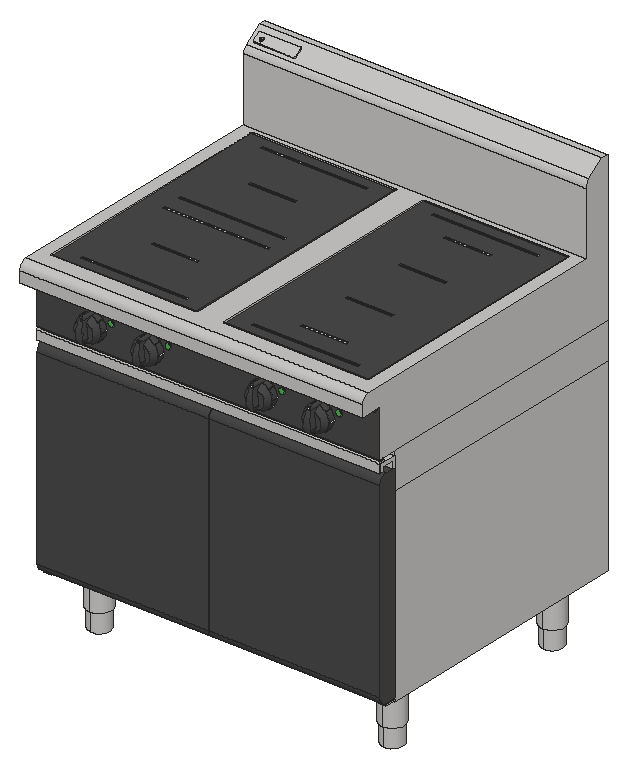
Revit family "QF_Moffat_INB8400R5F-CD_Induction_Cooktop_cat", category Specialty Equipment, Revit 2019
Family settings
  Round Connector Dimension = Use Diameter
  Part Type = Normal
  Work Plane-Based = No
  Always vertical = Yes
  Cut with Voids When Loaded = No
  Shared = No
  Room Calculation Point = No
Parameters (values of type "INB8400R5F-CD_415/60/3")
  Weight in Kilograms = 105
  Watts = 20000 W
  Volts = 415 V
  URL Cutsheet = ""
  Specification by User = ""
  Specification by Manufacturer = ""
  Show Logo [instance] = yes
  Serial Number = ""
  Seismic Rating = ""
  SMACNA No = ""
  Revision Code = ""
  Phase = 3
  Number of Poles = 1
  NAFEM Spec ID Number = ""
  Model = "INB8400R5F-CD"
  Min Ckt Ampacity = 0 A
  Max Overcurrent Protection = 0 A
  Masterspec = ""
  Manufacturer = "Moffat"
  Length = 900 mm
  Item Number = ""
  Installed By = ""
  Identify Quantity as Lot = yes
  Height = 1130 mm
  HP = ""
  Furnished By = ""
  Foodservice Equipment Identifier = yes
  FL Amps = 28 A
  Electrical Remarks = ""
  Electric Connection Type = ""
  Elec Conn RI Height = 0 mm
  Elec Conn Connection Height = 0 mm
  Description = "Induction Cooktop"
  Depth = 805 mm
  Cycle = 60 Hz
  Conn Plug = ""
  Conn Conduit = yes
  CSI MasterFormat = ""
  Apparent Power = if(Phase = 3, Volts * FL Amps * 1.73, Volts * FL Amps)  # 20102.6 VA
Reference planes
  plane 1 "BACK": y = 0
  plane 2: z = 0
  plane 3 "LEFT": x = 0
  plane 4 "RIGHT": x = 900
  plane 5 "FRONT": y = -805
  plane 6 "TOP": z = 1130
  plane 7 "Center Y": x = 450
  plane 8 "Center X": y = -402.5
  plane 9: x = 65.5
  plane 10: x = 834.5
  plane 11: y = -30
  plane 12: z = 150
  plane 13: y = -100
  plane 14: y = -625
  plane 15: y = -70
  plane 16: z = 915
  plane 17: x = 770
Forms (mm)
  Extrusion 1, solid, material "QF_Metal_Stainless_Polished"
    sketch origin (0, 0, 560) x (0, 1, 0) y (0, 0, 1)
      loop
        line (0, 180) -> (0, 570) -> (-18.182, 570) -> (-60.863, 538.99)
        arc (-60.863, 538.99) -> (-67.584, 531.121) -> (-70, 521.058) r 22.165
        line (-70, 521.058) -> (-70, 355) -> (-784.417, 355)
        arc (-784.417, 355) -> (-798.971, 348.971) -> (-805, 334.417) r 20.583
        line (-805, 334.417) -> (-805, 305) -> (-749, 305) -> (-749, 180) -> (0, 180)
    from 0 to 900
  Extrusion 2, void
    sketch origin (0, -784.171, 915) x (0, 1, 0) y (-1, 0, 0)
      loop
        arc (699.341, -37.323) -> (697.584, -33.08) -> (693.341, -31.323) r 6
        line (693.341, -31.323) -> (45.245, -31.323)
        arc (45.245, -31.323) -> (41.002, -33.08) -> (39.245, -37.323) r 6
        line (39.245, -37.323) -> (39.245, -410.105)
        arc (39.245, -410.105) -> (41.002, -414.347) -> (45.245, -416.105) r 6
        line (45.245, -416.105) -> (693.341, -416.105)
        arc (693.341, -416.105) -> (697.584, -414.347) -> (699.341, -410.105) r 6
        line (699.341, -410.105) -> (699.341, -37.323)
      loop
        line (699.341, -862.677) -> (699.341, -489.895)
        arc (699.341, -489.895) -> (697.584, -485.653) -> (693.341, -483.895) r 6
        line (693.341, -483.895) -> (45.245, -483.895)
        arc (45.245, -483.895) -> (41.002, -485.653) -> (39.245, -489.895) r 6
        line (39.245, -489.895) -> (39.245, -862.677)
        arc (39.245, -862.677) -> (41.002, -866.92) -> (45.245, -868.677) r 6
        line (45.245, -868.677) -> (693.341, -868.677)
        arc (693.341, -868.677) -> (697.584, -866.92) -> (699.341, -862.677) r 6
    from 0 to -9.5
  Extrusion 3, solid, material "QF_Plastic_Black_Smooth"
    sketch origin (0, -784.171, 915) x (0, 1, 0) y (-1, 0, 0)
      loop
        line (695.341, -410.105) -> (695.341, -37.323)
        arc (695.341, -37.323) -> (694.755, -35.908) -> (693.341, -35.323) r 2
        line (693.341, -35.323) -> (45.245, -35.323)
        arc (45.245, -35.323) -> (43.831, -35.908) -> (43.245, -37.323) r 2
        line (43.245, -37.323) -> (43.245, -410.105)
        arc (43.245, -410.105) -> (43.831, -411.519) -> (45.245, -412.105) r 2
        line (45.245, -412.105) -> (693.341, -412.105)
        arc (693.341, -412.105) -> (694.755, -411.519) -> (695.341, -410.105) r 2
      loop
        line (667.194, -86.598) -> (661.194, -86.598) -> (661.194, -363.75) -> (667.194, -363.75) -> (667.194, -86.598)
      loop
        line (526.611, -163.924) -> (526.611, -283.924) -> (532.611, -283.924) -> (532.611, -163.924) -> (526.611, -163.924)
      loop
        line (398.444, -86.598) -> (392.444, -86.598) -> (392.444, -363.75) -> (398.444, -363.75) -> (398.444, -86.598)
      loop
        line (345.944, -86.598) -> (339.944, -86.598) -> (339.944, -363.75) -> (345.944, -363.75) -> (345.944, -86.598)
      loop
        line (206.611, -163.924) -> (206.611, -283.924) -> (212.611, -283.924) -> (212.611, -163.924) -> (206.611, -163.924)
      loop
        line (77.194, -86.598) -> (71.194, -86.598) -> (71.194, -363.75) -> (77.194, -363.75) -> (77.194, -86.598)
      loop
        arc (695.341, -489.895) -> (694.755, -488.481) -> (693.341, -487.895) r 2
        line (693.341, -487.895) -> (45.245, -487.895)
        arc (45.245, -487.895) -> (43.831, -488.481) -> (43.245, -489.895) r 2
        line (43.245, -489.895) -> (43.245, -862.677)
        arc (43.245, -862.677) -> (43.831, -864.092) -> (45.245, -864.677) r 2
        line (45.245, -864.677) -> (693.341, -864.677)
        arc (693.341, -864.677) -> (694.755, -864.092) -> (695.341, -862.677) r 2
        line (695.341, -862.677) -> (695.341, -489.895)
      loop
        line (667.194, -813.402) -> (667.194, -536.25) -> (661.194, -536.25) -> (661.194, -813.402) -> (667.194, -813.402)
      loop
        line (601.611, -736.076) -> (607.611, -736.076) -> (607.611, -616.076) -> (601.611, -616.076) -> (601.611, -736.076)
      loop
        line (279.111, -736.076) -> (285.111, -736.076) -> (285.111, -616.076) -> (279.111, -616.076) -> (279.111, -736.076)
      loop
        line (77.194, -813.402) -> (77.194, -536.25) -> (71.194, -536.25) -> (71.194, -813.402) -> (77.194, -813.402)
      loop
        line (454.501, -736.076) -> (460.501, -736.076) -> (460.501, -616.076) -> (454.501, -616.076) -> (454.501, -736.076)
      loop
        line (131.211, -736.076) -> (137.211, -736.076) -> (137.211, -616.076) -> (131.211, -616.076) -> (131.211, -736.076)
    from 0 to -9.5
  Extrusion 4, solid, material "QF_Metal_Stainless_Polished"
    sketch origin (0, 0, 600) x (0, 1, 0) y (0, 0, 1)
      loop
        line (-739.467, 140) -> (-738.192, 134.838)
        arc (-738.192, 134.838) -> (-738.307, 134.302) -> (-738.799, 134.063) r 0.625
        line (-738.799, 134.063) -> (-746.111, 134.063)
        arc (-746.111, 134.063) -> (-748.011, 133.276) -> (-748.797, 131.377) r 2.686
        line (-748.797, 131.377) -> (-748.797, 107.627) -> (-747.197, 107.627) -> (-747.197, 131.242)
        arc (-747.197, 131.242) -> (-746.84, 132.105) -> (-745.976, 132.463) r 1.221
        line (-745.976, 132.463) -> (-738.755, 132.463)
        arc (-738.755, 132.463) -> (-737.028, 133.304) -> (-736.625, 135.182) r 2.194
        line (-736.625, 135.182) -> (-737.815, 140) -> (-739.467, 140)
    from 0 to 900
  Extrusion 5, solid, material "QF_Plastic_Black_Smooth"
    sketch origin (0, -749, 741.875) x (0, 0, 1) y (-1, 0, 0)
      loop
        circle (112.843, -13.157) r 5
      loop
        circle (112.843, -886.843) r 5
    from 0 to 1.6
  Extrusion 6, solid, material "QF_Metal_Stainless_Polished"
    sketch origin (450, -699, 645) x (0, 1, 0) y (1, 0, 0)
      loop
        circle (669, 320) r 6.35
    from 0 to 10
  Extrusion 7, solid, material "QF_Metal_Stainless_Polished"
    sketch origin (0, -699, 645) x (1, 0, 0) y (0, -1, 0)
      loop
        line (0, -699) -> (900, -699) -> (900, 0) -> (849.2, 0) -> (849.2, -25.4) -> (485.8, -25.4) -> (485.8, 0) -> (414.2, 0) -> (414.2, -25.4) -> (50.8, -25.4) -> (50.8, 0) -> (0, 0) -> (0, -699)
    from 0 to -95
  Extrusion 8, solid, material "QF_Metal_Stainless_Polished"
    sketch origin (50.8, -30, 645) x (0, 1, 0) y (0, 0, 1)
      loop
        line (-669, 0) -> (-643.6, 0) -> (-643.6, 26.45) -> (-669, 26.45) -> (-669, 0)
      loop
        line (-669, 32.45) -> (-643.6, 32.45) -> (-643.6, 66.4) -> (-669, 66.4) -> (-669, 32.45)
      loop
        line (-669, 67.4) -> (-643.6, 67.4) -> (-643.6, 95) -> (-669, 95) -> (-669, 67.4)
    from 0 to 363.4
  Extrusion 9, solid, material "QF_Metal_Stainless_Polished"
    sketch origin (900, 0, 560) x (-1, 0, 0) y (0, -1, 0)
      loop
        line (536.25, 122.976) -> (536.25, 116.976) -> (813.402, 116.976) -> (813.402, 122.976) -> (536.25, 122.976)
      loop
        line (736.076, 251.56) -> (736.076, 257.56) -> (616.076, 257.56) -> (616.076, 251.56) -> (736.076, 251.56)
      loop
        line (813.402, 385.726) -> (813.402, 391.726) -> (536.25, 391.726) -> (536.25, 385.726) -> (813.402, 385.726)
      loop
        line (813.402, 438.226) -> (813.402, 444.226) -> (536.25, 444.226) -> (536.25, 438.226) -> (813.402, 438.226)
      loop
        line (736.076, 571.56) -> (736.076, 577.56) -> (616.076, 577.56) -> (616.076, 571.56) -> (736.076, 571.56)
      loop
        line (536.25, 712.976) -> (536.25, 706.976) -> (813.402, 706.976) -> (813.402, 712.976) -> (536.25, 712.976)
      loop
        line (86.598, 712.976) -> (86.598, 706.976) -> (363.75, 706.976) -> (363.75, 712.976) -> (86.598, 712.976)
      loop
        line (163.924, 652.959) -> (163.924, 646.959) -> (283.924, 646.959) -> (283.924, 652.959) -> (163.924, 652.959)
      loop
        line (163.924, 505.06) -> (163.924, 499.06) -> (283.924, 499.06) -> (283.924, 505.06) -> (163.924, 505.06)
      loop
        line (163.924, 329.669) -> (163.924, 323.669) -> (283.924, 323.669) -> (283.924, 329.669) -> (163.924, 329.669)
      loop
        line (163.924, 182.56) -> (163.924, 176.56) -> (283.924, 176.56) -> (283.924, 182.56) -> (163.924, 182.56)
      loop
        line (86.598, 122.976) -> (86.598, 116.976) -> (363.75, 116.976) -> (363.75, 122.976) -> (86.598, 122.976)
    from 355 to 345.5
  Extrusion 10, solid, material "QF_Paint_Green"
    sketch origin (63.231, -748.999, 713.75) x (0, 0, 1) y (-1, 0, 0)
      loop
        circle (100.3, -282.5) r 7.15
    from 0 to 1.6
  Extrusion 11, solid, material "QF_Plastic_Black_Smooth"
    sketch origin (75, -748.999, 725.625) x (0, 0, 1) y (-1, 0, 0)
      loop
        circle (112.843, -225) r 5
    from 0 to 1.6
  Extrusion 12, solid, material "QF_Paint_Green"
    sketch origin (-86.769, -748.999, 713.75) x (0, 0, 1) y (-1, 0, 0)
      loop
        circle (100.3, -282.5) r 7.15
    from 0 to 1.6
  Extrusion 13, solid, material "QF_Plastic_Black_Smooth"
    sketch origin (-75, -748.999, 725.625) x (0, 0, 1) y (-1, 0, 0)
      loop
        circle (112.843, -225) r 5
    from 0 to 1.6
  Extrusion 14, solid, material "QF_Paint_Green"
    sketch origin (511.981, -748.999, 713.75) x (0, 0, 1) y (-1, 0, 0)
      loop
        circle (100.3, -282.5) r 7.15
    from 0 to 1.6
  Extrusion 15, solid, material "QF_Plastic_Black_Smooth"
    sketch origin (523.75, -748.999, 725.625) x (0, 0, 1) y (-1, 0, 0)
      loop
        circle (112.843, -225) r 5
    from 0 to 1.6
  Extrusion 16, solid, material "QF_Paint_Green"
    sketch origin (361.981, -748.999, 713.75) x (0, 0, 1) y (-1, 0, 0)
      loop
        circle (100.3, -282.5) r 7.15
    from 0 to 1.6
  Extrusion 17, solid, material "QF_Plastic_Black_Smooth"
    sketch origin (373.75, -748.999, 725.625) x (0, 0, 1) y (-1, 0, 0)
      loop
        circle (112.843, -225) r 5
    from 0 to 1.6
  Extrusion 18, solid, material "QF_Metal_Stainless_Polished"
    sketch origin (849.2, -30, 645) x (0, 1, 0) y (0, 0, -1)
      loop
        line (-669, 0) -> (-669, -26.45) -> (-643.6, -26.45) -> (-643.6, 0) -> (-669, 0)
      loop
        line (-669, -32.45) -> (-669, -66.4) -> (-643.6, -66.4) -> (-643.6, -32.45) -> (-669, -32.45)
      loop
        line (-669, -67.4) -> (-669, -95) -> (-643.6, -95) -> (-643.6, -67.4) -> (-669, -67.4)
    from 0 to 363.4
Cuts and joins
  Extrusion 2 cuts Extrusion 1
Lines and regions (mm)
  symbolic lines
    curve 1: line (0, 0, 0) -> (900, 0, 0)
    curve 2: line (0, -805, 0) -> (0, 0, 0)
    curve 3: line (900, -805, 0) -> (0, -805, 0)
    curve 4: line (900, 0, 0) -> (900, -805, 0)
    curve 5: line (0, -18.182, 0) -> (900, -18.182, 0)
    curve 6: line (0, -70, 0) -> (450, -70, 0)
    curve 7: line (37.323, -84.83, 0) -> (410.105, -84.83, 0)
    curve 8: arc (410.105, -84.83, 0) -> (414.347, -86.587, 0) -> (416.105, -90.83, 0) r 6
    curve 9: line (416.105, -90.83, 0) -> (416.105, -738.926, 0)
    curve 10: arc (416.105, -738.926, 0) -> (414.347, -743.168, 0) -> (410.105, -744.926, 0) r 6
    curve 11: line (410.105, -744.926, 0) -> (37.323, -744.926, 0)
    curve 12: arc (37.323, -744.926, 0) -> (33.08, -743.168, 0) -> (31.323, -738.926, 0) r 6
    curve 13: line (31.323, -738.926, 0) -> (31.323, -90.83, 0)
    curve 14: arc (31.323, -90.83, 0) -> (33.08, -86.587, 0) -> (37.323, -84.83, 0) r 6
    curve 15: line (410.105, -88.83, 0) -> (37.323, -88.83, 0)
    curve 16: arc (37.323, -88.83, 0) -> (35.908, -89.415, 0) -> (35.323, -90.83, 0) r 2
    curve 17: line (35.323, -90.83, 0) -> (35.323, -738.926, 0)
    curve 18: arc (35.323, -738.926, 0) -> (35.908, -740.34, 0) -> (37.323, -740.926, 0) r 2
    curve 19: line (37.323, -740.926, 0) -> (410.105, -740.926, 0)
    curve 20: arc (410.105, -740.926, 0) -> (411.519, -740.34, 0) -> (412.105, -738.926, 0) r 2
    curve 21: line (412.105, -738.926, 0) -> (412.105, -90.83, 0)
    curve 22: arc (412.105, -90.83, 0) -> (411.519, -89.415, 0) -> (410.105, -88.83, 0) r 2
    curve 23: line (416.105, -738.926, 0) -> (416.105, -90.83, 0)
    curve 24: line (412.105, -90.83, 0) -> (412.105, -738.926, 0)
    curve 25: line (862.677, -84.83, 0) -> (489.895, -84.83, 0)
    curve 26: arc (489.895, -84.83, 0) -> (485.653, -86.587, 0) -> (483.895, -90.83, 0) r 6
    curve 27: arc (483.895, -738.926, 0) -> (485.653, -743.168, 0) -> (489.895, -744.926, 0) r 6
    curve 28: line (489.895, -744.926, 0) -> (862.677, -744.926, 0)
    curve 29: arc (862.677, -744.926, 0) -> (866.92, -743.168, 0) -> (868.677, -738.926, 0) r 6
    curve 30: line (868.677, -738.926, 0) -> (868.677, -90.83, 0)
    curve 31: arc (868.677, -90.83, 0) -> (866.92, -86.587, 0) -> (862.677, -84.83, 0) r 6
    curve 32: line (489.895, -88.83, 0) -> (862.677, -88.83, 0)
    curve 33: arc (862.677, -88.83, 0) -> (864.092, -89.415, 0) -> (864.677, -90.83, 0) r 2
    curve 34: line (864.677, -90.83, 0) -> (864.677, -738.926, 0)
    curve 35: arc (864.677, -738.926, 0) -> (864.092, -740.34, 0) -> (862.677, -740.926, 0) r 2
    curve 36: line (862.677, -740.926, 0) -> (489.895, -740.926, 0)
    curve 37: arc (489.895, -740.926, 0) -> (488.481, -740.34, 0) -> (487.895, -738.926, 0) r 2
    curve 38: arc (487.895, -90.83, 0) -> (488.481, -89.415, 0) -> (489.895, -88.83, 0) r 2
    curve 39: line (487.895, -90.83, 0) -> (487.895, -738.926, 0)
    curve 40: arc (487.895, -738.926, 0) -> (488.481, -740.34, 0) -> (489.895, -740.926, 0) r 2
    curve 41: line (489.895, -740.926, 0) -> (862.677, -740.926, 0)
    curve 42: arc (862.677, -740.926, 0) -> (864.092, -740.34, 0) -> (864.677, -738.926, 0) r 2
    curve 43: line (864.677, -738.926, 0) -> (864.677, -90.83, 0)
    curve 44: arc (864.677, -90.83, 0) -> (864.092, -89.415, 0) -> (862.677, -88.83, 0) r 2
    curve 45: line (862.677, -88.83, 0) -> (489.895, -88.83, 0)
    curve 46: arc (489.895, -88.83, 0) -> (488.481, -89.415, 0) -> (487.895, -90.83, 0) r 2
    curve 47: line (483.895, -90.83, 0) -> (483.895, -738.926, 0)
    curve 48: arc (483.895, -738.926, 0) -> (485.653, -743.168, 0) -> (489.895, -744.926, 0) r 6
    curve 49: line (489.895, -744.926, 0) -> (862.677, -744.926, 0)
    curve 50: arc (862.677, -744.926, 0) -> (866.92, -743.168, 0) -> (868.677, -738.926, 0) r 6
    curve 51: line (868.677, -738.926, 0) -> (868.677, -90.83, 0)
    curve 52: arc (868.677, -90.83, 0) -> (866.92, -86.587, 0) -> (862.677, -84.83, 0) r 6
    curve 53: line (862.677, -84.83, 0) -> (489.895, -84.83, 0)
    curve 54: arc (489.895, -84.83, 0) -> (485.653, -86.587, 0) -> (483.895, -90.83, 0) r 6
    curve 55: line (86.598, -122.976, 0) -> (363.75, -122.976, 0)
    curve 56: line (363.75, -122.976, 0) -> (363.75, -116.976, 0)
    curve 57: line (363.75, -116.976, 0) -> (86.598, -116.976, 0)
    curve 58: line (86.598, -116.976, 0) -> (86.598, -122.976, 0)
    curve 59: line (283.924, -251.56, 0) -> (163.924, -251.56, 0)
    curve 60: line (163.924, -251.56, 0) -> (163.924, -257.56, 0)
    curve 61: line (163.924, -257.56, 0) -> (283.924, -257.56, 0)
    curve 62: line (283.924, -257.56, 0) -> (283.924, -251.56, 0)
    curve 63: line (536.25, -122.976, 0) -> (813.402, -122.976, 0)
    curve 64: line (813.402, -122.976, 0) -> (813.402, -116.976, 0)
    curve 65: line (813.402, -116.976, 0) -> (536.25, -116.976, 0)
    curve 66: line (536.25, -116.976, 0) -> (536.25, -122.976, 0)
    curve 67: line (736.076, -176.56, 0) -> (616.076, -176.56, 0)
    curve 68: line (616.076, -176.56, 0) -> (616.076, -182.56, 0)
    curve 69: line (616.076, -182.56, 0) -> (736.076, -182.56, 0)
    curve 70: line (736.076, -182.56, 0) -> (736.076, -176.56, 0)
    curve 71: line (736.076, -323.669, 0) -> (616.076, -323.669, 0)
    curve 72: line (616.076, -323.669, 0) -> (616.076, -329.669, 0)
    curve 73: line (616.076, -329.669, 0) -> (736.076, -329.669, 0)
    curve 74: line (736.076, -329.669, 0) -> (736.076, -323.669, 0)
    curve 75: line (736.076, -499.06, 0) -> (616.076, -499.06, 0)
    curve 76: line (616.076, -499.06, 0) -> (616.076, -505.06, 0)
    curve 77: line (616.076, -505.06, 0) -> (736.076, -505.06, 0)
    curve 78: line (736.076, -505.06, 0) -> (736.076, -499.06, 0)
    curve 79: line (736.076, -646.959, 0) -> (616.076, -646.959, 0)
    curve 80: line (616.076, -646.959, 0) -> (616.076, -652.959, 0)
    curve 81: line (616.076, -652.959, 0) -> (736.076, -652.959, 0)
    curve 82: line (736.076, -652.959, 0) -> (736.076, -646.959, 0)
    curve 83: line (813.402, -706.976, 0) -> (536.25, -706.976, 0)
    curve 84: line (536.25, -706.976, 0) -> (536.25, -712.976, 0)
    curve 85: line (536.25, -712.976, 0) -> (813.402, -712.976, 0)
    curve 86: line (813.402, -712.976, 0) -> (813.402, -706.976, 0)
    curve 87: line (86.598, -712.976, 0) -> (363.75, -712.976, 0)
    curve 88: line (363.75, -712.976, 0) -> (363.75, -706.976, 0)
    curve 89: line (363.75, -706.976, 0) -> (86.598, -706.976, 0)
    curve 90: line (86.598, -706.976, 0) -> (86.598, -712.976, 0)
    curve 91: line (283.924, -577.56, 0) -> (163.924, -577.56, 0)
    curve 92: line (163.924, -577.56, 0) -> (163.924, -571.56, 0)
    curve 93: line (163.924, -571.56, 0) -> (283.924, -571.56, 0)
    curve 94: line (283.924, -571.56, 0) -> (283.924, -577.56, 0)
    curve 95: line (86.598, -444.226, 0) -> (363.75, -444.226, 0)
    curve 96: line (363.75, -444.226, 0) -> (363.75, -438.226, 0)
    curve 97: line (363.75, -438.226, 0) -> (86.598, -438.226, 0)
    curve 98: line (86.598, -438.226, 0) -> (86.598, -444.226, 0)
    curve 99: line (86.598, -391.726, 0) -> (363.75, -391.726, 0)
    curve 100: line (363.75, -391.726, 0) -> (363.75, -385.726, 0)
    curve 101: line (363.75, -385.726, 0) -> (86.598, -385.726, 0)
    curve 102: line (86.598, -385.726, 0) -> (86.598, -391.726, 0)
    curve 103: line (0, 0, 560) -> (900, 0, 560)
    curve 104: line (0, -805, 560) -> (0, 0, 560)
    curve 105: line (900, -805, 560) -> (0, -805, 560)
    curve 106: line (900, 0, 560) -> (900, -805, 560)
    curve 107: line (0, -18.182, 560) -> (900, -18.182, 560)
    curve 108: line (0, -70, 560) -> (900, -70, 560)
    curve 109: line (416.105, -90.83, 560) -> (416.105, -738.926, 560)
    curve 110: line (412.105, -738.926, 560) -> (412.105, -90.83, 560)
    curve 111: line (416.105, -738.926, 560) -> (416.105, -90.83, 560)
    curve 112: line (412.105, -90.83, 560) -> (412.105, -738.926, 560)
    curve 113: line (862.677, -84.83, 560) -> (489.895, -84.83, 560)
    curve 114: arc (483.895, -738.926, 560) -> (485.653, -743.168, 560) -> (489.895, -744.926, 560) r 6
    curve 115: line (489.895, -744.926, 560) -> (862.677, -744.926, 560)
    curve 116: arc (862.677, -744.926, 560) -> (866.92, -743.168, 560) -> (868.677, -738.926, 560) r 6
    curve 117: arc (864.677, -738.926, 560) -> (864.092, -740.34, 560) -> (862.677, -740.926, 560) r 2
    curve 118: line (862.677, -740.926, 560) -> (489.895, -740.926, 560)
    curve 119: arc (489.895, -740.926, 560) -> (488.481, -740.34, 560) -> (487.895, -738.926, 560) r 2
    curve 120: arc (487.895, -738.926, 560) -> (488.481, -740.34, 560) -> (489.895, -740.926, 560) r 2
    curve 121: line (489.895, -740.926, 560) -> (862.677, -740.926, 560)
    curve 122: arc (862.677, -740.926, 560) -> (864.092, -740.34, 560) -> (864.677, -738.926, 560) r 2
    curve 123: arc (483.895, -738.926, 560) -> (485.653, -743.168, 560) -> (489.895, -744.926, 560) r 6
    curve 124: line (489.895, -744.926, 560) -> (862.677, -744.926, 560)
    curve 125: arc (862.677, -744.926, 560) -> (866.92, -743.168, 560) -> (868.677, -738.926, 560) r 6
    curve 126: line (86.598, -122.976, 560) -> (363.75, -122.976, 560)
    curve 127: line (363.75, -122.976, 560) -> (363.75, -116.976, 560)
    curve 128: line (363.75, -116.976, 560) -> (86.598, -116.976, 560)
    curve 129: line (86.598, -116.976, 560) -> (86.598, -122.976, 560)
    curve 130: line (283.924, -251.56, 560) -> (163.924, -251.56, 560)
    curve 131: line (163.924, -251.56, 560) -> (163.924, -257.56, 560)
    curve 132: line (163.924, -257.56, 560) -> (283.924, -257.56, 560)
    curve 133: line (283.924, -257.56, 560) -> (283.924, -251.56, 560)
    curve 134: line (536.25, -122.976, 560) -> (813.402, -122.976, 560)
    curve 135: line (813.402, -122.976, 560) -> (813.402, -116.976, 560)
    curve 136: line (813.402, -116.976, 560) -> (536.25, -116.976, 560)
    curve 137: line (536.25, -116.976, 560) -> (536.25, -122.976, 560)
    curve 138: line (736.076, -176.56, 560) -> (616.076, -176.56, 560)
    curve 139: line (616.076, -176.56, 560) -> (616.076, -182.56, 560)
    curve 140: line (616.076, -182.56, 560) -> (736.076, -182.56, 560)
    curve 141: line (736.076, -182.56, 560) -> (736.076, -176.56, 560)
    curve 142: line (736.076, -323.669, 560) -> (616.076, -323.669, 560)
    curve 143: line (616.076, -323.669, 560) -> (616.076, -329.669, 560)
    curve 144: line (616.076, -329.669, 560) -> (736.076, -329.669, 560)
    curve 145: line (736.076, -329.669, 560) -> (736.076, -323.669, 560)
    curve 146: line (736.076, -499.06, 560) -> (616.076, -499.06, 560)
    curve 147: line (616.076, -499.06, 560) -> (616.076, -505.06, 560)
    curve 148: line (616.076, -505.06, 560) -> (736.076, -505.06, 560)
    curve 149: line (736.076, -505.06, 560) -> (736.076, -499.06, 560)
    curve 150: line (736.076, -646.959, 560) -> (616.076, -646.959, 560)
    curve 151: line (616.076, -646.959, 560) -> (616.076, -652.959, 560)
    curve 152: line (616.076, -652.959, 560) -> (736.076, -652.959, 560)
    curve 153: line (736.076, -652.959, 560) -> (736.076, -646.959, 560)
    curve 154: line (813.402, -706.976, 560) -> (536.25, -706.976, 560)
    curve 155: line (536.25, -706.976, 560) -> (536.25, -712.976, 560)
    curve 156: line (536.25, -712.976, 560) -> (813.402, -712.976, 560)
    curve 157: line (813.402, -712.976, 560) -> (813.402, -706.976, 560)
    curve 158: line (86.598, -712.976, 560) -> (363.75, -712.976, 560)
    curve 159: line (363.75, -712.976, 560) -> (363.75, -706.976, 560)
    curve 160: line (363.75, -706.976, 560) -> (86.598, -706.976, 560)
    curve 161: line (86.598, -706.976, 560) -> (86.598, -712.976, 560)
    curve 162: line (283.924, -577.56, 560) -> (163.924, -577.56, 560)
    curve 163: line (163.924, -577.56, 560) -> (163.924, -571.56, 560)
    curve 164: line (163.924, -571.56, 560) -> (283.924, -571.56, 560)
    curve 165: line (283.924, -571.56, 560) -> (283.924, -577.56, 560)
    curve 166: line (86.598, -444.226, 560) -> (363.75, -444.226, 560)
    curve 167: line (363.75, -444.226, 560) -> (363.75, -438.226, 560)
    curve 168: line (363.75, -438.226, 560) -> (86.598, -438.226, 560)
    curve 169: line (86.598, -438.226, 560) -> (86.598, -444.226, 560)
    curve 170: line (86.598, -391.726, 560) -> (363.75, -391.726, 560)
    curve 171: line (363.75, -391.726, 560) -> (363.75, -385.726, 560)
    curve 172: line (363.75, -385.726, 560) -> (86.598, -385.726, 560)
    curve 173: line (86.598, -385.726, 560) -> (86.598, -391.726, 560)
Dimensions and locks
  equal spacing: plane 3 "LEFT", plane 7 "Center Y", plane 4 "RIGHT"
  "Length": plane 3 "LEFT" to plane 4 "RIGHT"
  equal spacing: plane 5 "FRONT", plane 8 "Center X", plane 1 "BACK"
  "Depth": plane 5 "FRONT" to plane 1 "BACK"
  "Height": plane 6 "TOP" to level
  plane 9 to plane 10 = 769 mm
  plane 4 "RIGHT" to plane 3 "LEFT" = 900 mm
  plane 6 "TOP" to plane 2 = 1130 mm
  plane 1 "BACK" to plane 11 = 30 mm
  plane 1 "BACK" to plane 13 to plane 14 = 100 mm, 525 mm
  plane 1 "BACK" to plane 15 = 70 mm
  plane 16 to level = 915 mm  (x2)
  level to plane 12 = 150 mm
  plane 12 to level = 150 mm
  plane 4 "RIGHT" to plane 17 = 130 mm
  plane 1 "BACK" to plane 5 "FRONT" = 805 mm
  locked: plane 10 to plane 4 "RIGHT" at 65.5
  aligned and locked: level to plane 2
  aligned and locked: Extrusion 18 to Extrusion 7  (x2)
Automatic sketch dimensions
  curve 8 to curve 22 = 0 mm  (x2)
  curve 10 to curve 20 = 0 mm  (x2)
  curve 12 to curve 18 = 0 mm  (x2)
  curve 14 to curve 16 = 0 mm  (x2)
  curve 26 to curve 38 = 0 mm  (x2)
  curve 26 to curve 46 = 0 mm  (x2)
  curve 26 to curve 54 = 0 mm  (x2)
  curve 27 to curve 37 = 0 mm  (x2)
  curve 27 to curve 40 = 0 mm  (x2)
  curve 27 to curve 48 = 0 mm  (x2)
  curve 29 to curve 35 = 0 mm  (x2)
  curve 29 to curve 42 = 0 mm  (x2)
  curve 29 to curve 50 = 0 mm  (x2)
  curve 31 to curve 33 = 0 mm  (x2)
  curve 31 to curve 44 = 0 mm  (x2)
  curve 31 to curve 52 = 0 mm  (x2)
  curve 33 to curve 44 = 0 mm  (x2)
  curve 33 to curve 52 = 0 mm  (x2)
  curve 35 to curve 42 = 0 mm  (x2)
  curve 35 to curve 50 = 0 mm  (x2)
  curve 37 to curve 40 = 0 mm  (x2)
  curve 37 to curve 48 = 0 mm  (x2)
  curve 38 to curve 46 = 0 mm  (x2)
  curve 38 to curve 54 = 0 mm  (x2)
  curve 40 to curve 48 = 0 mm  (x2)
  curve 42 to curve 50 = 0 mm  (x2)
  curve 44 to curve 52 = 0 mm  (x2)
  curve 46 to curve 54 = 0 mm  (x2)
  plane 1 "BACK" to curve 1 = 0 mm
  curve 1 to plane 3 "LEFT" = 0 mm
  curve 6 to plane 7 "Center Y" = 0 mm
  curve 5 to plane 4 "RIGHT" = 0 mm
  plane 5 "FRONT" to curve 3 = 0 mm
  plane 15 to curve 6 = 0 mm
  plane 3 "LEFT" to curve 13 = 31.323 mm
  curve 13 to curve 17 = 4 mm
  curve 17 to curve 16 = 2 mm
  curve 17 to curve 18 = 2 mm
  curve 102 to plane 9 = 21.098 mm
  curve 57 to plane 9 = 21.098 mm
  curve 87 to plane 9 = 21.098 mm
  curve 95 to plane 9 = 21.098 mm
  curve 91 to plane 14 = 47.44 mm
  curve 91 to plane 9 = 98.424 mm
  curve 60 to plane 9 = 98.424 mm
  curve 60 to curve 61 = 120 mm
  curve 93 to plane 14 = 53.44 mm
  curve 92 to curve 93 = 120 mm
  curve 96 to plane 8 "Center X" = 41.726 mm
  curve 96 to plane 7 "Center Y" = 86.25 mm
  plane 8 "Center X" to curve 99 = 10.774 mm
  curve 99 to curve 96 = 0 mm
  plane 13 to curve 56 = 16.976 mm
  curve 56 to plane 7 "Center Y" = 86.25 mm
  curve 89 to plane 7 "Center Y" = 86.25 mm
  curve 8 to plane 13 = 9.17 mm
  curve 8 to plane 7 "Center Y" = 39.895 mm
  curve 10 to plane 7 "Center Y" = 39.895 mm
  curve 8 to curve 21 = 2 mm
  plane 7 "Center Y" to curve 47 = 33.895 mm
  curve 27 to curve 39 = 4 mm
  curve 38 to curve 46 = 2 mm
  curve 37 to curve 36 = 2 mm
  plane 13 to curve 66 = 22.976 mm
  curve 26 to curve 66 = 46.355 mm
  curve 27 to curve 85 = 46.355 mm
  curve 63 to curve 67 = 79.826 mm
  curve 77 to plane 17 = 153.924 mm
  plane 14 to curve 80 = 21.959 mm
  curve 83 to curve 80 = 79.826 mm
  plane 8 "Center X" to curve 73 = 72.831 mm
  curve 73 to curve 68 = 0 mm
  curve 77 to plane 17 = 33.924 mm
  curve 67 to plane 17 = 33.924 mm
  curve 71 to plane 17 = 33.924 mm
  curve 79 to plane 17 = 33.924 mm
  plane 10 to curve 63 = 21.098 mm
  plane 10 to curve 85 = 21.098 mm
  curve 42 to plane 10 = 28.177 mm
  curve 32 to plane 13 = 11.17 mm
  curve 32 to plane 10 = 28.177 mm
  curve 31 to curve 34 = 2 mm
  curve 49 to plane 5 "FRONT" = 60.074 mm
  curve 11 to plane 5 "FRONT" = 60.074 mm
  curve 27 to curve 84 = 25.949 mm
  curve 10 to curve 87 = 25.949 mm
  curve 85 to curve 83 = 6 mm
  curve 87 to curve 90 = 6 mm
  curve 81 to curve 79 = 6 mm
  curve 78 to plane 8 "Center X" = 102.56 mm
  curve 77 to curve 75 = 6 mm
  curve 95 to curve 98 = 6 mm
  curve 99 to curve 100 = 6 mm
  curve 73 to curve 74 = 6 mm
  plane 8 "Center X" to curve 62 = 144.94 mm
  curve 61 to curve 62 = 6 mm
  plane 13 to curve 70 = 82.56 mm
  curve 68 to curve 68 = 6 mm
  curve 58 to curve 57 = 6 mm
  curve 63 to curve 65 = 6 mm
  curve 5 to plane 11 = 11.818 mm
  Extrusion 1 sketch curve to plane 5 "FRONT" = 0 mm
  Extrusion 1 sketch curve to plane 16 = 0 mm
  Extrusion 1 sketch curve to plane 15 = 0 mm
  Extrusion 1 sketch curve to plane 6 "TOP" = 0 mm
  Extrusion 1 sketch curve to plane 1 "BACK" = 0 mm
  Extrusion 1 sketch curve to plane 5 "FRONT" = 20.583 mm
  Extrusion 1 sketch curve to plane 5 "FRONT" = 56 mm
  Extrusion 1 sketch curve to plane 15 = 9.137 mm
  plane 11 to Extrusion 1 sketch curve = 17.835 mm
  Extrusion 1 sketch curve to plane 11 = 11.818 mm
  Extrusion 1 sketch curve to Extrusion 1 sketch curve = 29.417 mm
  Extrusion 1 sketch curve to plane 16 = 175 mm
  Extrusion 1 sketch curve to plane 6 "TOP" = 48.942 mm
  Extrusion 2 sketch curve to Extrusion 1 = 39.492 mm  (x2)
  Extrusion 2 sketch curve to Extrusion 2 sketch curve = 6 mm  (x6)
  Extrusion 1 to Extrusion 2 sketch curve = 20.83 mm  (x4)
  Extrusion 1 to Extrusion 2 sketch curve = 31.323 mm
  Extrusion 2 sketch curve to Extrusion 2 sketch curve = 372.782 mm
  Extrusion 2 sketch curve to Extrusion 2 sketch curve = 67.791 mm
  Extrusion 1 to Extrusion 2 sketch curve = 37.323 mm
  Extrusion 3 sketch curve to Extrusion 1 = 43.492 mm  (x2)
  Extrusion 3 sketch curve to Extrusion 3 sketch curve = 2 mm  (x6)
  Extrusion 3 sketch curve to Extrusion 3 sketch curve = 25.949 mm  (x2)
  Extrusion 3 sketch curve to Extrusion 3 sketch curve = 6 mm  (x12)
  Extrusion 3 sketch curve to Extrusion 3 sketch curve = 54.017 mm
  Extrusion 3 sketch curve to Extrusion 3 sketch curve = 129.416 mm
  Extrusion 3 sketch curve to Extrusion 3 sketch curve = 141.899 mm
  Extrusion 3 sketch curve to Extrusion 3 sketch curve = 127.334 mm
  Extrusion 3 sketch curve to Extrusion 3 sketch curve = 46.5 mm
  Extrusion 3 sketch curve to Extrusion 3 sketch curve = 169.391 mm
  Extrusion 3 sketch curve to Extrusion 3 sketch curve = 128.166 mm
  Extrusion 1 to Extrusion 3 sketch curve = 112.56 mm
  Extrusion 1 to Extrusion 3 sketch curve = 52.976 mm  (x2)
  Extrusion 1 to Extrusion 3 sketch curve = 20.83 mm  (x4)
  Extrusion 1 to Extrusion 3 sketch curve = 35.323 mm
  Extrusion 3 sketch curve to Extrusion 3 sketch curve = 49.275 mm  (x2)
  Extrusion 3 sketch curve to Extrusion 3 sketch curve = 77.326 mm  (x2)
  Extrusion 1 to Extrusion 3 sketch curve = 163.924 mm
  Extrusion 3 sketch curve to Extrusion 3 sketch curve = 0 mm  (x3)
  Extrusion 3 sketch curve to Extrusion 3 sketch curve = 120 mm  (x6)
  Extrusion 3 sketch curve to Extrusion 3 sketch curve = 79.826 mm  (x4)
  Extrusion 3 sketch curve to Extrusion 3 sketch curve = 46.355 mm  (x3)
  Extrusion 3 sketch curve to Extrusion 3 sketch curve = 75.791 mm
  Extrusion 3 sketch curve to Extrusion 3 sketch curve = 252.326 mm
  Extrusion 1 to Extrusion 3 sketch curve = 86.598 mm  (x3)
  Extrusion 1 to Extrusion 3 sketch curve = 37.323 mm
  Extrusion 4 sketch curve to plane 5 "FRONT" = 56.203 mm
  Extrusion 4 sketch curve to Extrusion 4 sketch curve = 1.6 mm
  Extrusion 4 sketch curve to Extrusion 4 sketch curve = 1.086 mm
  Extrusion 4 sketch curve to Extrusion 4 sketch curve = 0.135 mm  (x2)
  Extrusion 4 sketch curve to Extrusion 4 sketch curve = 6.644 mm
  Extrusion 4 sketch curve to Extrusion 4 sketch curve = 0.668 mm
  Extrusion 4 sketch curve to Extrusion 4 sketch curve = 0.044 mm
  Extrusion 4 sketch curve to Extrusion 4 sketch curve = 0.563 mm
  Extrusion 4 sketch curve to Extrusion 4 sketch curve = 1.652 mm
  Extrusion 4 sketch curve to Extrusion 4 sketch curve = 1.567 mm
  Extrusion 4 sketch curve to plane 16 = 207.373 mm
  Extrusion 4 sketch curve to Extrusion 4 sketch curve = 23.614 mm
  Extrusion 4 sketch curve to Extrusion 4 sketch curve = 0.594 mm
  Extrusion 4 sketch curve to Extrusion 4 sketch curve = 0.032 mm
  Extrusion 4 sketch curve to Extrusion 4 sketch curve = 5.162 mm
  Extrusion 1 to Extrusion 5 sketch curve = 10.282 mm  (x2)
  Extrusion 1 to Extrusion 5 sketch curve = 13.157 mm  (x2)
  Extrusion 7 to Extrusion 6 sketch curve = 30 mm
  Extrusion 6 sketch curve to Extrusion 7 = 79.2 mm
  Extrusion 7 sketch curve to plane 3 "LEFT" = 0 mm
  Extrusion 7 sketch curve to plane 4 "RIGHT" = 0 mm
  plane 1 "BACK" to Extrusion 7 sketch curve = 0 mm
  plane 9 to Extrusion 7 sketch curve = 14.7 mm
  Extrusion 7 sketch curve to plane 7 "Center Y" = 35.8 mm
  plane 7 "Center Y" to Extrusion 7 sketch curve = 35.8 mm
  Extrusion 7 sketch curve to plane 10 = 14.7 mm
  plane 14 to Extrusion 7 sketch curve = 48.6 mm  (x2)
  Extrusion 7 sketch curve to Extrusion 7 sketch curve = 25.4 mm  (x3)
  Extrusion 8 sketch curve to Extrusion 7 = 0 mm  (x8)
  Extrusion 7 to Extrusion 8 sketch curve = 26.45 mm
  Extrusion 8 sketch curve to Extrusion 8 sketch curve = 6 mm
  Extrusion 7 to Extrusion 8 sketch curve = 28.6 mm
  Extrusion 8 sketch curve to Extrusion 8 sketch curve = 1 mm
  Extrusion 9 sketch curve to plane 10 = 21.098 mm  (x2)
  plane 17 to Extrusion 9 sketch curve = 33.924 mm  (x4)
  Extrusion 9 sketch curve to Extrusion 9 sketch curve = 120 mm  (x4)
  Extrusion 9 sketch curve to plane 14 = 21.959 mm
  Extrusion 9 sketch curve to plane 7 "Center Y" = 86.25 mm  (x2)
  Extrusion 9 sketch curve to plane 13 = 16.976 mm
  Extrusion 9 sketch curve to plane 13 = 22.976 mm
  plane 7 "Center Y" to Extrusion 9 sketch curve = 86.25 mm  (x3)
  Extrusion 9 sketch curve to plane 8 "Center X" = 10.774 mm
  Extrusion 9 sketch curve to Extrusion 9 sketch curve = 0 mm
  Extrusion 9 sketch curve to Extrusion 9 sketch curve = 79.826 mm  (x2)
  plane 14 to Extrusion 9 sketch curve = 53.44 mm
  plane 9 to Extrusion 9 sketch curve = 98.424 mm  (x2)
  plane 9 to Extrusion 9 sketch curve = 21.098 mm  (x4)
  Extrusion 9 sketch curve to Extrusion 9 sketch curve = 6 mm  (x12)
  Extrusion 9 sketch curve to plane 14 = 81.976 mm  (x2)
  plane 8 "Center X" to Extrusion 9 sketch curve = 102.56 mm
  plane 8 "Center X" to Extrusion 9 sketch curve = 41.726 mm
  Extrusion 9 sketch curve to plane 8 "Center X" = 72.831 mm
  Extrusion 9 sketch curve to plane 8 "Center X" = 144.94 mm
  Extrusion 9 sketch curve to plane 13 = 82.56 mm
  Extrusion 10 sketch curve to plane 16 = 100.95 mm
  Extrusion 10 sketch curve to plane 7 "Center Y" = 104.269 mm
  Extrusion 11 sketch curve to plane 16 = 76.532 mm
  Extrusion 11 sketch curve to plane 7 "Center Y" = 150 mm
  Extrusion 12 sketch curve to plane 16 = 100.95 mm
  Extrusion 12 sketch curve to plane 9 = 130.231 mm
  Extrusion 13 sketch curve to plane 16 = 76.532 mm
  Extrusion 13 sketch curve to plane 9 = 84.5 mm
  plane 17 to Extrusion 14 sketch curve = 24.481 mm
  Extrusion 14 sketch curve to plane 16 = 100.95 mm
  Extrusion 15 sketch curve to plane 17 = 21.25 mm
  Extrusion 15 sketch curve to plane 16 = 76.532 mm
  Extrusion 16 sketch curve to plane 16 = 100.95 mm
  Extrusion 16 sketch curve to plane 17 = 125.519 mm
  Extrusion 17 sketch curve to plane 16 = 76.532 mm
  plane 7 "Center Y" to Extrusion 17 sketch curve = 148.75 mm
  plane 14 to Extrusion 18 sketch curve = 74 mm
  Extrusion 18 sketch curve to Extrusion 18 sketch curve = 0 mm  (x4)
  Extrusion 18 sketch curve to Extrusion 18 sketch curve = 25.4 mm
  Extrusion 18 sketch curve to plane 16 = 175 mm
  Extrusion 18 sketch curve to Extrusion 18 sketch curve = 27.6 mm
  Extrusion 18 sketch curve to Extrusion 18 sketch curve = 1 mm
  Extrusion 18 sketch curve to Extrusion 18 sketch curve = 33.95 mm
  Extrusion 18 sketch curve to Extrusion 18 sketch curve = 6 mm
  Extrusion 18 sketch curve to Extrusion 18 sketch curve = 26.45 mm
  curve 114 to curve 119 = 0 mm
  curve 114 to curve 120 = 0 mm
  curve 116 to curve 117 = 0 mm  (x2)
  plane 1 "BACK" to curve 103 = 0 mm
  curve 103 to plane 3 "LEFT" = 0 mm
  curve 108 to plane 4 "RIGHT" = 0 mm
  plane 5 "FRONT" to curve 105 = 0 mm
  plane 15 to curve 108 = 0 mm
  curve 169 to plane 9 = 21.098 mm
  curve 173 to plane 9 = 21.098 mm
  curve 161 to plane 9 = 21.098 mm
  curve 129 to plane 9 = 21.098 mm
  curve 163 to plane 14 = 47.44 mm
  curve 163 to plane 9 = 98.424 mm
  curve 131 to plane 9 = 98.424 mm
  curve 130 to curve 130 = 120 mm
  curve 164 to plane 14 = 53.44 mm
  curve 163 to curve 164 = 120 mm
  plane 8 "Center X" to curve 171 = 10.774 mm
  curve 171 to plane 7 "Center Y" = 86.25 mm
  plane 13 to curve 127 = 22.976 mm
  curve 127 to plane 7 "Center Y" = 86.25 mm
  curve 160 to plane 7 "Center Y" = 86.25 mm
  curve 166 to curve 170 = 0 mm
  curve 112 to plane 7 "Center Y" = 37.895 mm
  curve 110 to curve 109 = 4 mm
  plane 7 "Center Y" to curve 121 = 39.895 mm
  plane 13 to curve 134 = 22.976 mm
  plane 7 "Center Y" to curve 134 = 86.25 mm
  curve 114 to curve 156 = 46.355 mm
  curve 142 to plane 17 = 153.924 mm
  curve 134 to curve 138 = 79.826 mm
  curve 146 to plane 17 = 153.924 mm
  plane 14 to curve 152 = 27.959 mm
  curve 154 to curve 152 = 79.826 mm
  curve 150 to plane 17 = 33.924 mm
  curve 149 to plane 17 = 33.924 mm
  curve 142 to plane 17 = 33.924 mm
  curve 141 to plane 17 = 33.924 mm
  plane 10 to curve 157 = 21.098 mm
  plane 10 to curve 136 = 21.098 mm
  curve 115 to plane 10 = 28.177 mm
  curve 115 to plane 5 "FRONT" = 60.074 mm
  curve 115 to curve 118 = 4 mm
  curve 118 to curve 122 = 2 mm
  curve 118 to curve 123 = 2 mm
  curve 111 to plane 5 "FRONT" = 66.074 mm
  curve 110 to curve 109 = 0 mm
  plane 14 to curve 161 = 87.976 mm
  curve 116 to curve 157 = 25.949 mm
  curve 156 to curve 154 = 6 mm
  curve 158 to curve 161 = 6 mm
  curve 152 to curve 153 = 6 mm
  curve 148 to plane 8 "Center X" = 102.56 mm
  curve 148 to curve 146 = 6 mm
  curve 169 to plane 8 "Center X" = 41.726 mm
  curve 166 to curve 169 = 6 mm
  curve 170 to curve 172 = 6 mm
  plane 8 "Center X" to curve 143 = 72.831 mm
  curve 143 to curve 143 = 6 mm
  plane 8 "Center X" to curve 131 = 144.94 mm
  curve 132 to curve 130 = 6 mm
  plane 13 to curve 139 = 82.56 mm
  curve 139 to curve 138 = 6 mm
  curve 126 to curve 128 = 6 mm
  curve 134 to curve 135 = 6 mm
  curve 110 to plane 13 = 9.17 mm
  curve 110 to curve 111 = 0 mm
  plane 15 to curve 113 = 14.83 mm
  plane 7 "Center Y" to curve 113 = 39.895 mm
  curve 113 to plane 10 = 28.177 mm
  curve 107 to plane 11 = 11.818 mm
  radius of Extrusion 5 sketch curve = 5 mm  (x2)
  radius of Extrusion 6 sketch curve = 6.35 mm
  radius of Extrusion 10 sketch curve = 7.15 mm
  radius of Extrusion 11 sketch curve = 5 mm
  radius of Extrusion 12 sketch curve = 7.15 mm
  radius of Extrusion 13 sketch curve = 5 mm
  radius of Extrusion 14 sketch curve = 7.15 mm
  radius of Extrusion 15 sketch curve = 5 mm
  radius of Extrusion 16 sketch curve = 7.15 mm
  radius of Extrusion 17 sketch curve = 5 mm
Nested families
  nested 1: "INLB8100F-CD_Closed Door 900" at (0, 0, 0), type "IN511F-LS"
  nested 2: "QF_LOGO_Waldorf" at (12, -52.35, 1105.175), visible <- "Show Logo", type "QF_LOGO_Waldorf"
  nested 3: "Knob" at (267.5, -739.499, 760.75), type "Knob"
  nested 4: "Knob" at (117.5, -739.499, 760.75), type "Knob"
  nested 5: "Knob" at (716.25, -739.499, 760.75), type "Knob"
  nested 6: "Knob" at (566.25, -739.499, 760.75), type "Knob"
Connectors
  electrical at (770, -30, 635), driven by "Volts", driven by "Watts"
    settings: on Extrusion 6, index 5, voltage 415 V, apparent load 20000 VA, apparent load phase1 0 VA, apparent load phase2 0 VA, apparent load phase3 0 VA, power factor 1, load classification "Other", number of poles 1, system type 30, power factor state 1, is connector primary yes, connector utility no, sub classification motor no, connector description "ELEECTRICAL CONNECTION"
Definition of nested family "INLB8100F-CD_Closed Door 900"
  Parameters (values of type "IN511F-LS")
    Model = ""
    Manufacturer = ""
    Description = ""
  Reference planes
    plane 1 "BACK": y = 0
    plane 2: z = 0
    plane 3 "LEFT": x = 0
    plane 4 "RIGHT": x = 900
    plane 5 "FRONT": y = -805
    plane 6 "TOP": z = 970
    plane 7 "Center Y": x = 450
    plane 8 "Center X": y = -402.5
    plane 9: x = 65.5
    plane 10: y = -100
    plane 11: y = -625
    plane 12: z = 150
    plane 13: z = 740
    plane 14: x = 834.5
  Forms (mm)
    Revolve 1, solid
      sketch origin (65.5, -4572, 255.2) x (0, 0, -1) y (0, -1, 0)
        loop
          line (255.2, -3974.5) -> (255.2, -3947) -> (105.2, -3947) -> (105.2, -3978.75) -> (205.2, -3978.75) -> (205.2, -3974.5) -> (255.2, -3974.5)
        axis (105.2, -3947) -> (255.2, -3947)
      angle from 0 to 360
    Extrusion 2, solid
      sketch origin (0, 0, 0) x (0, 1, 0) y (0, 0, 1)
        loop
          line (-50.8, 150) -> (-50.8, 242.5) -> (-699, 242.5) -> (-699, 150) -> (-50.8, 150)
      from 0 to 900
    Extrusion 3, solid
      sketch origin (-6096, 120, 150) x (0, 1, 0) y (-1, 0, 0)
        loop
          line (-120, -6096) -> (-819, -6096) -> (-819, -6146.8) -> (-170.8, -6146.8) -> (-170.8, -6513.1) -> (-819, -6513.1) -> (-819, -6578.9) -> (-170.8, -6578.9) -> (-170.8, -6945.2) -> (-819, -6945.2) -> (-819, -6996) -> (-120, -6996) -> (-120, -6096)
      from 0 to 590
    Revolve 4, solid
      sketch origin (65.5, -4047, 255.2) x (0, 0, -1) y (0, -1, 0)
        loop
          line (255.2, -3974.5) -> (255.2, -3947) -> (105.2, -3947) -> (105.2, -3978.75) -> (205.2, -3978.75) -> (205.2, -3974.5) -> (255.2, -3974.5)
        axis (105.2, -3947) -> (255.2, -3947)
      angle from 0 to 360
    Extrusion 5, solid
      sketch origin (0, 0, 0) x (0, 1, 0) y (0, 0, 1)
        loop
          line (-747.95, 679.363) -> (-747.95, 180.737)
          arc (-747.95, 180.737) -> (-741.656, 165.543) -> (-726.462, 159.25) r 21.488
          line (-726.462, 159.25) -> (-700.212, 159.25) -> (-700.212, 700.863) -> (-726.45, 700.863)
          arc (-726.45, 700.863) -> (-741.653, 694.566) -> (-747.95, 679.363) r 21.5
      from 0 to 450
    Extrusion 6, solid
      sketch origin (0, 0, 0) x (0, 1, 0) y (0, 0, 1)
        loop
          line (-699, 151.549) -> (-699, 155) -> (-727.22, 155) -> (-727.22, 151.549) -> (-699, 151.549)
      from 0 to 20.511
    Extrusion 7, solid
      sketch origin (0, -699, 151.549) x (-1, 0, 0) y (0, 1, 0)
        loop
          circle (-9.837, -12.705) r 5
      from -7.701 to 1.549
    Extrusion 8, solid
      sketch origin (240, 0, 0) x (0, 1, 0) y (0, 0, 1)
        loop
          line (-700.212, 700.863) -> (-700.212, 729.782) -> (-745.874, 729.782)
          arc (-745.874, 729.782) -> (-747.342, 729.174) -> (-747.95, 727.706) r 2.076
          line (-747.95, 727.706) -> (-747.95, 707.9) -> (-740.102, 707.9) -> (-740.102, 719.782) -> (-706.258, 719.782) -> (-706.258, 700.863) -> (-700.212, 700.863)
      from -240 to 209.732
    Revolve 9, solid
      sketch origin (834.5, -4572, 255.2) x (0, 0, -1) y (0, 1, 0)
        loop
          line (255.2, 3974.5) -> (205.2, 3974.5) -> (205.2, 3978.75) -> (105.2, 3978.75) -> (105.2, 3947) -> (255.2, 3947) -> (255.2, 3974.5)
        axis (105.2, 3947) -> (255.2, 3947)
      angle from 0 to 360
    Revolve 10, solid
      sketch origin (834.5, -4047, 255.2) x (0, 0, -1) y (0, 1, 0)
        loop
          line (255.2, 3974.5) -> (205.2, 3974.5) -> (205.2, 3978.75) -> (105.2, 3978.75) -> (105.2, 3947) -> (255.2, 3947) -> (255.2, 3974.5)
        axis (105.2, 3947) -> (255.2, 3947)
      angle from 0 to 360
    Extrusion 11, solid
      sketch origin (900, 0, 0) x (0, 1, 0) y (0, 0, -1)
        loop
          arc (-747.95, -679.363) -> (-741.653, -694.566) -> (-726.45, -700.863) r 21.5
          line (-726.45, -700.863) -> (-700.212, -700.863) -> (-700.212, -159.25) -> (-726.462, -159.25)
          arc (-726.462, -159.25) -> (-741.656, -165.543) -> (-747.95, -180.737) r 21.488
          line (-747.95, -180.737) -> (-747.95, -679.363)
      from 0 to 450
    Extrusion 12, solid
      sketch origin (900, 0, 0) x (0, 1, 0) y (0, 0, -1)
        loop
          line (-699, -151.549) -> (-727.22, -151.549) -> (-727.22, -155) -> (-699, -155) -> (-699, -151.549)
      from 0 to 20.511
    Extrusion 13, solid
      sketch origin (900, -699, 151.549) x (-1, 0, 0) y (0, 1, 0)
        loop
          circle (9.837, -12.705) r 5
      from -7.701 to 1.549
    Extrusion 14, solid
      sketch origin (660, 0, 0) x (0, 1, 0) y (0, 0, -1)
        loop
          line (-700.212, -700.863) -> (-706.258, -700.863) -> (-706.258, -719.782) -> (-740.102, -719.782) -> (-740.102, -707.9) -> (-747.95, -707.9) -> (-747.95, -727.706)
          arc (-747.95, -727.706) -> (-747.342, -729.174) -> (-745.874, -729.782) r 2.076
          line (-745.874, -729.782) -> (-700.212, -729.782) -> (-700.212, -700.863)
      from -240 to 209.694
  Cuts and joins
    joined: Extrusion 2, Extrusion 3
  Dimensions and locks
    equal spacing: plane 3 "LEFT", plane 7 "Center Y", plane 4 "RIGHT"
    plane 3 "LEFT" to plane 4 "RIGHT" = 900 mm
    equal spacing: plane 5 "FRONT", plane 8 "Center X", plane 1 "BACK"
    plane 5 "FRONT" to plane 1 "BACK" = 805 mm
    plane 6 "TOP" to level = 970 mm
    plane 4 "RIGHT" to plane 3 "LEFT" = 900 mm
    plane 1 "BACK" to plane 5 "FRONT" = 805 mm
    plane 6 "TOP" to plane 2 = 970 mm
    plane 1 "BACK" to plane 10 to plane 11 = 100 mm, 525 mm
    plane 12 to plane 2 = 150 mm
    plane 13 to level = 740 mm
    aligned and locked: level to plane 2
    aligned and locked: Extrusion 2 to plane 4 "RIGHT"
  Automatic sketch dimensions
    Revolve 1 sketch curve to plane 11 = 0 mm  (x2)
    Revolve 1 sketch curve to plane 12 = 0 mm
    Revolve 1 sketch curve to level = 0 mm  (x2)
    level to Revolve 1 sketch curve = 50 mm
    Revolve 1 sketch curve to Revolve 1 sketch curve = 27.5 mm
    Revolve 1 sketch curve to Revolve 1 sketch curve = 31.75 mm
    Revolve 1 sketch curve to Revolve 1 sketch curve = 25 mm
    Extrusion 2 sketch curve to plane 12 = 0 mm
    plane 11 to Extrusion 2 sketch curve = 74 mm
    Extrusion 2 sketch curve to plane 10 = 49.2 mm
    plane 12 to Extrusion 2 sketch curve = 92.5 mm
    Extrusion 3 sketch curve to plane 3 "LEFT" = 0 mm
    Extrusion 3 sketch curve to plane 4 "RIGHT" = 0 mm
    plane 1 "BACK" to Extrusion 3 sketch curve = 0 mm
    plane 14 to Extrusion 3 sketch curve = 14.7 mm
    Extrusion 3 sketch curve to plane 10 = 49.2 mm  (x2)
    plane 11 to Extrusion 3 sketch curve = 74 mm  (x3)
    plane 7 "Center Y" to Extrusion 3 sketch curve = 32.9 mm
    Extrusion 3 sketch curve to plane 7 "Center Y" = 32.9 mm
    plane 9 to Extrusion 3 sketch curve = 14.7 mm
    Revolve 4 sketch curve to plane 10 = 0 mm  (x2)
    Revolve 4 sketch curve to plane 12 = 0 mm
    Revolve 4 sketch curve to level = 0 mm  (x2)
    level to Revolve 4 sketch curve = 50 mm
    Revolve 4 sketch curve to Revolve 4 sketch curve = 27.5 mm
    Revolve 4 sketch curve to Revolve 4 sketch curve = 31.75 mm
    Revolve 4 sketch curve to Revolve 4 sketch curve = 25 mm
    Extrusion 5 sketch curve to plane 5 "FRONT" = 57.05 mm
    Extrusion 5 sketch curve to Extrusion 5 sketch curve = 21.488 mm
    Extrusion 5 sketch curve to Extrusion 5 sketch curve = 21.5 mm
    plane 12 to Extrusion 5 sketch curve = 9.25 mm
    Extrusion 5 sketch curve to Extrusion 5 sketch curve = 26.25 mm
    Extrusion 5 sketch curve to plane 13 = 60.637 mm
    plane 12 to Extrusion 6 sketch curve = 1.549 mm
    Extrusion 6 sketch curve to plane 5 "FRONT" = 77.78 mm
    plane 12 to Extrusion 6 sketch curve = 5 mm
    Extrusion 6 sketch curve to Extrusion 6 sketch curve = 28.22 mm
    Extrusion 7 sketch curve to Extrusion 6 = 9.837 mm
    Extrusion 6 to Extrusion 7 sketch curve = 12.705 mm
    Extrusion 8 sketch curve to plane 5 "FRONT" = 57.05 mm
    Extrusion 8 sketch curve to Extrusion 8 sketch curve = 2.076 mm
    Extrusion 8 sketch curve to Extrusion 8 sketch curve = 5.771 mm
    Extrusion 8 sketch curve to Extrusion 8 sketch curve = 33.844 mm
    Extrusion 8 sketch curve to Extrusion 8 sketch curve = 6.046 mm
    Extrusion 8 sketch curve to plane 13 = 39.137 mm
    Extrusion 8 sketch curve to plane 13 = 32.1 mm
    Extrusion 8 sketch curve to Extrusion 8 sketch curve = 11.882 mm
    Extrusion 8 sketch curve to Extrusion 8 sketch curve = 7.924 mm
    Revolve 9 sketch curve to plane 11 = 0 mm  (x2)
    Revolve 9 sketch curve to plane 12 = 0 mm
    Revolve 9 sketch curve to level = 0 mm  (x2)
    level to Revolve 9 sketch curve = 50 mm
    Revolve 9 sketch curve to plane 11 = 27.5 mm
    Revolve 9 sketch curve to Revolve 9 sketch curve = 4.25 mm
    Revolve 9 sketch curve to Revolve 9 sketch curve = 25 mm
    Revolve 10 sketch curve to plane 10 = 0 mm  (x2)
    Revolve 10 sketch curve to plane 12 = 0 mm
    Revolve 10 sketch curve to level = 0 mm  (x2)
    level to Revolve 10 sketch curve = 50 mm
    Revolve 10 sketch curve to plane 10 = 27.5 mm
    Revolve 10 sketch curve to Revolve 10 sketch curve = 4.25 mm
    Revolve 10 sketch curve to Revolve 10 sketch curve = 25 mm
    Extrusion 11 sketch curve to plane 5 "FRONT" = 57.05 mm
    Extrusion 11 sketch curve to Extrusion 11 sketch curve = 21.488 mm
    Extrusion 11 sketch curve to Extrusion 11 sketch curve = 21.5 mm
    plane 12 to Extrusion 11 sketch curve = 9.25 mm
    Extrusion 11 sketch curve to Extrusion 11 sketch curve = 26.25 mm
    Extrusion 11 sketch curve to plane 13 = 60.637 mm
    plane 12 to Extrusion 12 sketch curve = 1.549 mm
    Extrusion 12 sketch curve to plane 5 "FRONT" = 77.78 mm
    plane 12 to Extrusion 12 sketch curve = 5 mm
    Extrusion 12 sketch curve to Extrusion 12 sketch curve = 28.22 mm
    Extrusion 13 sketch curve to Extrusion 12 = 9.837 mm
    Extrusion 12 to Extrusion 13 sketch curve = 12.705 mm
    Extrusion 14 sketch curve to plane 5 "FRONT" = 57.05 mm
    Extrusion 14 sketch curve to Extrusion 14 sketch curve = 2.076 mm
    Extrusion 14 sketch curve to Extrusion 14 sketch curve = 5.771 mm
    Extrusion 14 sketch curve to Extrusion 14 sketch curve = 33.844 mm
    Extrusion 14 sketch curve to Extrusion 14 sketch curve = 6.046 mm
    Extrusion 14 sketch curve to plane 13 = 10.218 mm
    Extrusion 14 sketch curve to Extrusion 14 sketch curve = 7.924 mm
    Extrusion 14 sketch curve to Extrusion 14 sketch curve = 11.882 mm
    Extrusion 14 sketch curve to Extrusion 14 sketch curve = 18.919 mm
    radius of Extrusion 7 sketch curve = 5 mm
    radius of Extrusion 13 sketch curve = 5 mm
Definition of nested family "QF_LOGO_Waldorf"
  Parameters (values of type "QF_LOGO_Waldorf")
    Weight in Pounds = 0
    URL Cutsheet = ""
    Specification by User = ""
    Specification by Manufacturer = ""
    Serial Number = ""
    Seismic Rating = ""
    SMACNA No = ""
    Revision Code = ""
    NAFEM Spec ID Number = ""
    Masterspec = ""
    Length = 138 mm
    Item Number = ""
    Installed By = ""
    Identify Quantity as Lot = yes
    Height = 26.711 mm
    Furnished By = ""
    Foodservice Equipment Identifier = yes
    Depth = 3.175 mm
    CSI MasterFormat = ""
  Reference planes
    plane 1 "BACK": y = 0
    plane 2: z = 0
    plane 3 "LEFT": x = 0
    plane 4 "RIGHT": x = 138
    plane 5 "FRONT": y = -3.175
    plane 6 "TOP": z = 26.711
    plane 7 "Center Y": x = 69
    plane 8 "Center X": y = -1.587
  Forms (mm)
    Extrusion 1, solid
      sketch origin (0, 0, 0) x (1, 0, 0) y (0, 0.809017, 0.587785)
        loop
          line (109, 3.464) -> (109, 23.247)
          spline (109, 23.247) -> (108.966, 23.699) -> (108.864, 24.143) -> (108.696, 24.572) -> (108.464, 24.979) -> (108.173, 25.355) -> (107.828, 25.696) -> (107.435, 25.995) -> (107, 26.247) -> (106.531, 26.447) -> (106.035, 26.593) -> (105.522, 26.681) -> (105, 26.711)
          line (105, 26.711) -> (4, 26.711)
          spline (4, 26.711) -> (3.478, 26.681) -> (2.965, 26.593) -> (2.469, 26.447) -> (2, 26.247) -> (1.565, 25.995) -> (1.172, 25.696) -> (0.827, 25.355) -> (0.536, 24.979) -> (0.304, 24.572) -> (0.136, 24.143) -> (0.034, 23.699) -> (0, 23.247)
          line (0, 23.247) -> (0, 3.464)
          spline (0, 3.464) -> (0.034, 3.012) -> (0.136, 2.568) -> (0.304, 2.138) -> (0.536, 1.732) -> (0.827, 1.355) -> (1.172, 1.015) -> (1.565, 0.716) -> (2, 0.464) -> (2.469, 0.264) -> (2.965, 0.118) -> (3.478, 0.03) -> (4, 0)
          line (4, 0) -> (105, 0)
          spline (105, 0) -> (105.522, 0.03) -> (106.035, 0.118) -> (106.531, 0.264) -> (107, 0.464) -> (107.435, 0.716) -> (107.828, 1.015) -> (108.173, 1.355) -> (108.464, 1.732) -> (108.696, 2.138) -> (108.864, 2.568) -> (108.966, 3.012) -> (109, 3.464)
        loop
          line (14.75, 7.005) -> (14.75, 15.654)
          arc (14.75, 15.654) -> (10.425, 11.329) -> (14.75, 7.005) r 4.325
        loop
          line (15.25, 15.654) -> (15.25, 7.005)
          arc (15.25, 7.005) -> (19.575, 11.329) -> (15.25, 15.654) r 4.325
      from 0 to 3.2
    Extrusion 2, solid
      sketch origin (0, 0, 0) x (1, 0, 0) y (0, 0.809017, 0.587785)
        loop
          line (15.25, 15.654) -> (15.25, 7.005)
          arc (15.25, 7.005) -> (19.575, 11.329) -> (15.25, 15.654) r 4.325
      from 0 to 3.2
    Extrusion 3, solid
      sketch origin (16.271, 0, 0) x (-1, 0, 0) y (0, -0.809017, -0.587785)
        loop
          arc (1.521, -15.654) -> (5.846, -11.329) -> (1.521, -7.005) r 4.325
          line (1.521, -7.005) -> (1.521, -15.654)
      from 0 to 3.2
  Lines and regions (mm)
    Split face 1
      outline origin (0, -1.881, 2.589) x (1, 0, 0) y (0, 0.809017, 0.587785)
        loop
          spline (22.129, 16.975) -> (22.389, 15.984) -> (22.649, 15.002) -> (22.91, 14.028) -> (23.172, 13.065) -> (23.433, 12.11) -> (23.695, 11.166) -> (23.956, 10.232) -> (24.218, 9.308) -> (24.479, 8.396) -> (24.74, 7.495) -> (25, 6.605) -> (25.26, 5.728)
          line (25.26, 5.728) -> (29.463, 5.728)
          spline (29.463, 5.728) -> (29.582, 6.252) -> (29.701, 6.78) -> (29.82, 7.313) -> (29.939, 7.85) -> (30.058, 8.391) -> (30.178, 8.936) -> (30.297, 9.485) -> (30.416, 10.038) -> (30.536, 10.594) -> (30.655, 11.155) -> (30.775, 11.719) -> (30.894, 12.287)
